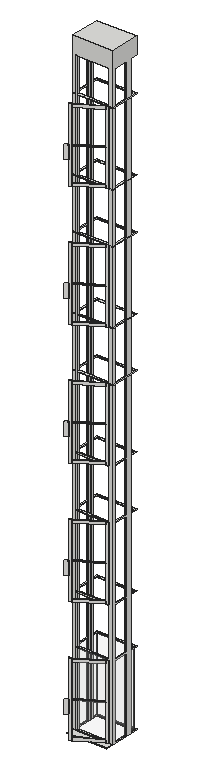
Revit family "NWL_Elevator_Artisan_Rectangular_42x32", category Specialty Equipment, Revit 2026
Family settings
  Round Connector Dimension = Use Diameter
  Part Type = Normal
  Work Plane-Based = No
  Enable Cutting in Views = No
  Always vertical = Yes
  Cut with Voids When Loaded = No
  Maintain Annotation Orientation = No
  Shared = No
  Room Calculation Point = No
Parameters
  Voltage = 230 V
  Unit Height [instance] = if(Number of Stops = 2, Level1_Height + Level2_floor_thickness + Level2_Height + Level3_floor_thickness, if(Number of Stops = 3, Level1_Height + Level2_floor_thickness + Level2_Height + Level3_floor_thickness + Level3_Height + Level4_floor_thickness, if(Number of Stops = 4, Level1_Height + Level2_floor_thickness + Level2_Height + Level3_floor_thickness + Level3_Height + Level4_floor_thickness + Level4_Height + Level5_floor_thickness, if(Number of Stops = 5, Level1_Height + Level2_floor_thickness + Level2_Height + Level3_floor_thickness + Level3_Height + Level4_floor_thickness + Level4_Height + Level5_floor_thickness + Level5_Height + Level6_floor_thickness, 0.000"))))  # 660.000"
  URL = "https://www.elevators.com/"
  Specification = "https://www.arcat.com/company/nationwide-lifts-49670/spec"
  SpecWizard = ""
  Sales Information = "info@elevators.com"
  Ring_Width = 32.000"
  Ring_Length = 42.000"
  Product Data = "https://www.arcat.com/company/nationwide-lifts-49670/catalog"
  Poles = 1
  Platform_Width = 25.606"
  Platform_Length = 36.606"
  Number of Stops [instance] = 5
  Model = "Artisan Rectangular 42x32"
  Manufacturer Website = "https://www.elevators.com/"
  Manufacturer Phone - Toll Free = "(888) 695-4387"
  Manufacturer Phone = ""
  Manufacturer Fax = "(877) 825-6001"
  Manufacturer Email = "info@elevators.com"
  Manufacturer Address = "10-B Holden Ave, Queensbury, NY 12804"
  Manufacturer = "Nationwide Lifts"
  Machine_Height = 18.000"
  Load = 30 VA
  Level6_floor_thickness [instance] = 18.000"
  Level5_floor_thickness [instance] = 18.000"
  Level5_Height [instance] = 114.000"
  Level4_Height [instance] = 114.000"
  Level4_floor_thickness [instance] = 18.000"
  Level3_Height [instance] = 114.000"
  Level3_floor_thickness [instance] = 18.000"
  Level2_Height [instance] = 114.000"
  Level2_floor_thickness [instance] = 18.000"
  Level1_Height [instance] = 114.000"
  Level 5 Door [instance] = Number of Stops > 4  # yes
  Level 4 Door [instance] = Number of Stops > 3  # yes
  Level 3 Door [instance] = Number of Stops > 2  # yes
  Installation-Fabrication = ""
  Hoistway_Width = 28.106"
  Hoistway_Length = 39.106"
  Green Building-LEED = "https://www.arcat.com/company/nationwide-lifts-49670/leed"
  Glass = Glass
  Frame = Steel
  Default Elevation = 0.000"
  Construction Details = "https://www.arcat.com/company/nationwide-lifts-49670/cad"
  Cab_Height = 78.000"
Reference planes (in)
  plane 1 "Center (Front/Back)": y = 0
  plane 2: z = 0
  plane 3 "Center (Left/Right)": x = 0
  plane 4: x = 21
  plane 5: x = -21
  plane 6: y = -16
  plane 7: y = 16
  plane 8: y = 14.053
  plane 9: y = -14.053
  plane 10: x = 19.553
  plane 11: x = -19.553
  plane 12: y = -12.803
  plane 13: y = 12.803
  plane 14: x = 18.303
  plane 15: x = -18.303
  plane 16: z = 78
  plane 17: z = 77.5
  plane 18: z = 264
  plane 19: z = 132
  plane 20: z = 210
  plane 21: z = 132.5
  plane 22: z = 395.5
  plane 23: z = 342
  plane 24: z = 341.5
  plane 25: z = 209.5
  plane 26: z = 264.5
  plane 27: z = 473.5
  plane 28: z = 473
  plane 29: z = 396
  plane 30: z = 605.5
  plane 31: z = 605
  plane 32: z = 528
  plane 33: z = 641.5
  plane 34: z = 114
  plane 35: z = 246
  plane 36: z = 378
  plane 37: z = 527.5
  plane 38: z = 509.5
  plane 39: z = 659.5
  plane 40: z = 660
  plane 41: z = 660
  plane 42: z = 642
Forms (in)
  Extrusion 1, solid, material "Steel" <- "Frame"
    sketch origin (0, 0, 0) x (1, 0, 0) y (0, 1, 0)
      loop
        line (-21, 16) -> (-21, -16) -> (21, -16) -> (21, 16) -> (-21, 16)
      loop
        line (-19.553, 14.053) -> (-19.553, -14.053) -> (19.553, -14.053) -> (19.553, 14.053) -> (-19.553, 14.053)
    from 0 to 0.5
  Extrusion 2, solid, material "Steel" <- "Frame"
    sketch origin (0, 0, 0) x (1, 0, 0) y (0, 1, 0)
      loop
        line (-21, 16) -> (-21, -16) -> (21, -16) -> (21, 16) -> (-21, 16)
      loop
        line (-19.553, 14.053) -> (-19.553, -14.053) -> (19.553, -14.053) -> (19.553, 14.053) -> (-19.553, 14.053)
    from 79 to 79.5
  Extrusion 3, solid, material "Steel" <- "Frame"
    sketch origin (0, 0, 0) x (1, 0, 0) y (0, 1, 0)
      loop
        line (-20.16969, -13.55556) -> (-21, -13.55556) -> (-21, -16) -> (-17.4967, -16) -> (-17.4967, -14.17449) -> (-16.80669, -14.17449) -> (-16.80669, -13.92449) -> (-17.42669, -13.92449) -> (-17.42669, -13.67449) -> (-16.81111, -13.67449) -> (-16.81111, -13.43333) -> (-17.2, -13.43333) -> (-17.2, -13.3) -> (-17.56667, -13.3) -> (-17.56667, -13.16667) -> (-19.15556, -13.16667) -> (-19.15556, -12.55279) -> (-19.3, -12.55279) -> (-19.3, -12.2) -> (-19.42222, -12.2) -> (-19.42222, -11.81111) -> (-19.553, -11.81111) -> (-19.553, -12.55279) -> (-19.91969, -12.55279) -> (-19.91969, -11.80273) -> (-20.16969, -11.80273) -> (-20.16969, -13.55556)
      loop
        line (20.16969, -13.55556) -> (20.16969, -11.80273) -> (19.91969, -11.80273) -> (19.91969, -12.55279) -> (19.553, -12.55279) -> (19.553, -11.81111) -> (19.42222, -11.81111) -> (19.42222, -12.2) -> (19.3, -12.2) -> (19.3, -12.55279) -> (19.15556, -12.55279) -> (19.15556, -13.16667) -> (17.56667, -13.16667) -> (17.56667, -13.3) -> (17.2, -13.3) -> (17.2, -13.43333) -> (16.81111, -13.43333) -> (16.81111, -13.67449) -> (17.42669, -13.67449) -> (17.42669, -13.92449) -> (16.80669, -13.92449) -> (16.80669, -14.17449) -> (17.4967, -14.17449) -> (17.4967, -16) -> (21, -16) -> (21, -13.55556) -> (20.16969, -13.55556)
      loop
        line (-20.16969, 8.10346) -> (-21, 8.10346) -> (-21, 2.9) -> (-20.16969, 2.9) -> (-20.16969, 2.14994) -> (-19.91969, 2.14994) -> (-19.91969, 2.9) -> (-19.553, 2.9) -> (-19.553, 2.15832) -> (-19.42222, 2.15832) -> (-19.42222, 2.54721) -> (-19.3, 2.54721) -> (-19.3, 2.9) -> (-19.15556, 2.9) -> (-19.15556, 3.68889) -> (-19.74444, 3.68889) -> (-19.74444, 7.31111) -> (-19.15556, 7.31111) -> (-19.15556, 8.10346) -> (-19.3, 8.10346) -> (-19.3, 8.45624) -> (-19.42222, 8.45624) -> (-19.42222, 8.84513) -> (-19.553, 8.84513) -> (-19.553, 8.10346) -> (-19.91969, 8.10346) -> (-19.91969, 8.85351) -> (-20.16969, 8.85351) -> (-20.16969, 8.10346)
      loop
        line (20.16969, 8.10346) -> (20.16969, 8.85351) -> (19.91969, 8.85351) -> (19.91969, 8.10346) -> (19.553, 8.10346) -> (19.553, 8.84513) -> (19.42222, 8.84513) -> (19.42222, 8.45624) -> (19.3, 8.45624) -> (19.3, 8.10346) -> (19.15556, 8.10346) -> (19.15556, 7.31111) -> (19.74444, 7.31111) -> (19.74444, 3.68889) -> (19.15556, 3.68889) -> (19.15556, 2.9) -> (19.3, 2.9) -> (19.3, 2.54721) -> (19.42222, 2.54721) -> (19.42222, 2.15832) -> (19.553, 2.15832) -> (19.553, 2.9) -> (19.91969, 2.9) -> (19.91969, 2.14994) -> (20.16969, 2.14994) -> (20.16969, 2.9) -> (21, 2.9) -> (21, 8.10346) -> (20.16969, 8.10346)
    from 0.5 to 660
  Extrusion 4, solid, material "Glass" <- "Glass"
    sketch origin (0, 0, 0) x (1, 0, 0) y (0, 1, 0)
      loop
        line (-19.91969, 8.10346) -> (-19.55556, 8.10346) -> (-19.55556, 14.55556) -> (19.55556, 14.55556) -> (19.55556, 8.10346) -> (19.91969, 8.10346) -> (19.91969, 14.63151)
        arc (19.91969, 14.63151) -> (19.83182, 14.84364) -> (19.61969, 14.93151) r 0.3
        line (19.61969, 14.93151) -> (-19.61969, 14.93151)
        arc (-19.61969, 14.93151) -> (-19.83182, 14.84364) -> (-19.91969, 14.63151) r 0.3
        line (-19.91969, 14.63151) -> (-19.91969, 8.10346)
      loop
        line (-19.91969, 2.9) -> (-19.91969, -12.55279) -> (-19.55556, -12.55279) -> (-19.55556, 2.9) -> (-19.91969, 2.9)
      loop
        line (19.91969, 2.9) -> (19.55556, 2.9) -> (19.55556, -12.55279) -> (19.91969, -12.55279) -> (19.91969, 2.9)
      loop
        line (-17.42669, -13.67449) -> (-17.42669, -13.92449) -> (17.42669, -13.92449) -> (17.42669, -13.67449) -> (-17.42669, -13.67449)
    from 0 to 79
  Extrusion 5, solid, material "Steel" <- "Frame"
    sketch origin (0, 0, 0) x (1, 0, 0) y (0, 1, 0)
      loop
        line (-21, 16) -> (-21, -16) -> (21, -16) -> (21, 16) -> (-21, 16)
      loop
        line (-19.553, 14.053) -> (-19.553, -14.053) -> (19.553, -14.053) -> (19.553, 14.053) -> (-19.553, 14.053)
    from 132 to 132.5
  Extrusion 6, solid, material "Steel" <- "Frame"
    sketch origin (0, 0, 0) x (1, 0, 0) y (0, 1, 0)
      loop
        line (-21, 16) -> (-21, -16) -> (21, -16) -> (21, 16) -> (-21, 16)
      loop
        line (-19.553, 14.053) -> (-19.553, -14.053) -> (19.553, -14.053) -> (19.553, 14.053) -> (-19.553, 14.053)
    from 209.5 to 210
  Extrusion 7, solid, material "Steel" <- "Frame"
    sketch origin (0, 0, 0) x (1, 0, 0) y (0, 1, 0)
      loop
        line (-21, 16) -> (-21, -16) -> (21, -16) -> (21, 16) -> (-21, 16)
      loop
        line (-19.553, 14.053) -> (-19.553, -14.053) -> (19.553, -14.053) -> (19.553, 14.053) -> (-19.553, 14.053)
    from 264 to 264.5
  Extrusion 8, solid, material "Steel" <- "Frame"
    sketch origin (0, 0, 0) x (1, 0, 0) y (0, 1, 0)
      loop
        line (-21, 16) -> (-21, -16) -> (21, -16) -> (21, 16) -> (-21, 16)
    from 642 to 660
  Extrusion 9, solid, material "Steel"
    sketch origin (0, 0, 0) x (1, 0, 0) y (0, 1, 0)
      loop
        line (-21, -24.06667) -> (21, -24.06667) -> (21, -16) -> (-21, -16) -> (-21, -24.06667)
    from 0 to 0.125
  Extrusion 10, solid, material "Steel" <- "Frame", visible <- "Level 5 Door"
    sketch origin (0, 0, 0) x (1, 0, 0) y (0, 1, 0)
      loop
        line (-21, 16) -> (-21, -16) -> (21, -16) -> (21, 16) -> (-21, 16)
      loop
        line (-19.553, 14.053) -> (-19.553, -14.053) -> (19.553, -14.053) -> (19.553, 14.053) -> (-19.553, 14.053)
    from 527.5 to 528
  Extrusion 11, solid, material "Steel" <- "Frame", visible <- "Level 4 Door"
    sketch origin (0, 0, 0) x (1, 0, 0) y (0, 1, 0)
      loop
        line (-21, 16) -> (-21, -16) -> (21, -16) -> (21, 16) -> (-21, 16)
      loop
        line (-19.553, 14.053) -> (-19.553, -14.053) -> (19.553, -14.053) -> (19.553, 14.053) -> (-19.553, 14.053)
    from 473 to 473.5
  Extrusion 12, solid, material "Steel" <- "Frame", visible <- "Level 4 Door"
    sketch origin (0, 0, 0) x (1, 0, 0) y (0, 1, 0)
      loop
        line (-21, 16) -> (-21, -16) -> (21, -16) -> (21, 16) -> (-21, 16)
      loop
        line (-19.553, 14.053) -> (-19.553, -14.053) -> (19.553, -14.053) -> (19.553, 14.053) -> (-19.553, 14.053)
    from 395.5 to 396
  Extrusion 13, solid, material "Steel" <- "Frame", visible <- "Level 3 Door"
    sketch origin (0, 0, 0) x (1, 0, 0) y (0, 1, 0)
      loop
        line (-21, 16) -> (-21, -16) -> (21, -16) -> (21, 16) -> (-21, 16)
      loop
        line (-19.553, 14.053) -> (-19.553, -14.053) -> (19.553, -14.053) -> (19.553, 14.053) -> (-19.553, 14.053)
    from 341.5 to 342
  Extrusion 14, solid, material "Steel" <- "Frame", visible <- "Level 5 Door"
    sketch origin (0, 0, 0) x (1, 0, 0) y (0, 1, 0)
      loop
        line (-21, 16) -> (-21, -16) -> (21, -16) -> (21, 16) -> (-21, 16)
      loop
        line (-19.553, 14.053) -> (-19.553, -14.053) -> (19.553, -14.053) -> (19.553, 14.053) -> (-19.553, 14.053)
    from 605 to 605.5
Cuts and joins
  joined: Extrusion 1, Extrusion 2, Extrusion 3, Extrusion 5, Extrusion 6, Extrusion 7, Extrusion 8
Dimensions and locks (in)
  equal spacing: plane 6, plane 1 "Center (Front/Back)", plane 7
  "Ring_Width": plane 6 to plane 7
  equal spacing: plane 5, plane 3 "Center (Left/Right)", plane 4
  "Ring_Length": plane 5 to plane 4
  equal spacing: plane 11, plane 3 "Center (Left/Right)", plane 10
  "Hoistway_Length": plane 11 to plane 10
  equal spacing: plane 9, plane 1 "Center (Front/Back)", plane 8
  "Hoistway_Width": plane 9 to plane 8
  equal spacing: plane 15, plane 3 "Center (Left/Right)", plane 14
  "Platform_Length": plane 15 to plane 14
  equal spacing: plane 12, plane 1 "Center (Front/Back)", plane 13
  "Platform_Width": plane 12 to plane 13
  "Cab_Height": plane 16 to level
  locked: plane 16 to plane 17 at 0.5
  "Cab_Height": plane 20 to plane 19
  "Cab_Height": plane 23 to plane 18
  locked: plane 21 to plane 19 at 0.5
  locked: plane 26 to plane 18 at 0.5
  locked: plane 20 to plane 25 at 0.5
  locked: plane 23 to plane 24 at 0.5
  locked: plane 30 to plane 31 at 0.5
  "Level1_Height": plane 34 to level
  "Level2_floor_thickness": plane 19 to plane 34
  "Level3_floor_thickness": plane 18 to plane 35
  "Level2_Height": plane 35 to plane 19
  locked: plane 29 to plane 22 at 0.5
  "Level4_floor_thickness": plane 29 to plane 36
  "Level3_Height": plane 36 to plane 18
  locked: plane 32 to plane 37 at 0.5
  "Level5_floor_thickness": plane 37 to plane 38
  "Level4_Height": plane 38 to plane 22
  "Level6_floor_thickness": plane 39 to plane 33
  "Level5_Height": plane 33 to plane 37
  "Unit Height": plane 40 to level
  "Cab_Height": plane 27 to plane 22
  locked: plane 27 to plane 28 at 0.5
  "Cab_Height": plane 30 to plane 37
  locked: plane 41 to plane 42 at 18
  aligned and locked: level to plane 2
  aligned and locked: plane 7 to Extrusion 1 sketch curve
  aligned and locked: plane 5 to Extrusion 1 sketch curve
  aligned and locked: Extrusion 1 sketch curve to plane 6
  aligned and locked: Extrusion 1 sketch curve to plane 4
  aligned and locked: plane 8 to Extrusion 1 sketch curve
  aligned and locked: plane 11 to Extrusion 1 sketch curve
  aligned and locked: Extrusion 1 sketch curve to plane 9
  aligned and locked: Extrusion 1 sketch curve to plane 10
  aligned and locked: Extrusion 5 to plane 19
  aligned and locked: plane 21 to Extrusion 5
  aligned and locked: Extrusion 6 to plane 25
  aligned and locked: plane 20 to Extrusion 6
  aligned and locked: Extrusion 7 to plane 18
  aligned and locked: plane 26 to Extrusion 7
  aligned and locked: Extrusion 13 to plane 24
  aligned and locked: plane 23 to Extrusion 13
  aligned and locked: plane 29 to Extrusion 12
  aligned and locked: Extrusion 12 to plane 22
  aligned and locked: plane 30 to Extrusion 14
  aligned and locked: Extrusion 14 to plane 31
  aligned and locked: plane 32 to Extrusion 10
  aligned and locked: Extrusion 10 to plane 37
  aligned and locked: plane 40 to cut or joined group of Extrusion 1, Extrusion 2, Extrusion 3, Extrusion 5, Extrusion 6, Extrusion 7, Extrusion 8
  aligned and locked: Extrusion 11 to plane 28
  aligned and locked: plane 27 to Extrusion 11
  aligned and locked: nested 4 to plane 22
  aligned and locked: nested 5 to plane 37
  aligned and locked: nested 3 to plane 18
  aligned and locked: nested 2 to plane 19
  aligned and locked: plane 42 to cut or joined group of Extrusion 1, Extrusion 2, Extrusion 3, Extrusion 5, Extrusion 6, Extrusion 7, Extrusion 8
  aligned and locked: plane 41 to cut or joined group of Extrusion 1, Extrusion 2, Extrusion 3, Extrusion 5, Extrusion 6, Extrusion 7, Extrusion 8
  aligned and locked: plane 41 to plane 40
  aligned and locked: Extrusion 4 to cut or joined group of Extrusion 1, Extrusion 2, Extrusion 3, Extrusion 5, Extrusion 6, Extrusion 7, Extrusion 8
Automatic sketch dimensions
  Extrusion 2 sketch curve to plane 5 = 0.000"
  plane 8 to Extrusion 2 sketch curve = 0.000"
  Extrusion 2 sketch curve to plane 11 = 0.000"
  Extrusion 2 sketch curve to plane 10 = 0.000"
  Extrusion 2 sketch curve to plane 4 = 0.000"
  plane 6 to Extrusion 2 sketch curve = 0.000"
  plane 9 to Extrusion 2 sketch curve = 0.000"
  plane 7 to Extrusion 2 sketch curve = 0.000"
  Extrusion 3 sketch curve to plane 5 = 0.000"  (x2)
  Extrusion 3 sketch curve to plane 11 = 0.000"  (x3)
  plane 6 to Extrusion 3 sketch curve = 0.000"  (x2)
  Extrusion 3 sketch curve to plane 10 = 0.000"  (x3)
  Extrusion 3 sketch curve to plane 4 = 0.000"  (x2)
  Extrusion 3 sketch curve to plane 11 = 0.61669"  (x3)
  Extrusion 3 sketch curve to Extrusion 3 sketch curve = 0.250"  (x8)
  Extrusion 3 sketch curve to plane 11 = 0.19144"
  plane 11 to Extrusion 3 sketch curve = 0.13078"  (x2)
  Extrusion 3 sketch curve to Extrusion 3 sketch curve = 0.13078"  (x2)
  Extrusion 3 sketch curve to Extrusion 3 sketch curve = 0.253"
  plane 11 to Extrusion 3 sketch curve = 0.253"
  Extrusion 3 sketch curve to Extrusion 3 sketch curve = 0.12222"  (x2)
  plane 11 to Extrusion 3 sketch curve = 0.39744"  (x3)
  plane 15 to Extrusion 3 sketch curve = 0.73633"
  plane 15 to Extrusion 3 sketch curve = 0.8063"
  Extrusion 3 sketch curve to plane 9 = 0.12851"  (x2)
  Extrusion 3 sketch curve to Extrusion 3 sketch curve = 0.07001"  (x2)
  Extrusion 3 sketch curve to Extrusion 3 sketch curve = 0.22669"  (x2)
  Extrusion 3 sketch curve to Extrusion 3 sketch curve = 0.38889"  (x8)
  plane 9 to Extrusion 3 sketch curve = 0.12149"  (x2)
  Extrusion 3 sketch curve to Extrusion 3 sketch curve = 0.00442"  (x2)
  Extrusion 3 sketch curve to plane 14 = 1.49631"
  Extrusion 3 sketch curve to Extrusion 3 sketch curve = 0.36667"
  Extrusion 3 sketch curve to Extrusion 3 sketch curve = 0.39744"
  Extrusion 3 sketch curve to plane 10 = 0.39744"  (x2)
  Extrusion 3 sketch curve to Extrusion 3 sketch curve = 0.14444"  (x3)
  Extrusion 3 sketch curve to plane 10 = 0.13078"
  plane 10 to Extrusion 3 sketch curve = 0.19144"
  plane 10 to Extrusion 3 sketch curve = 0.36669"  (x3)
  Extrusion 3 sketch curve to plane 9 = 0.49744"  (x2)
  Extrusion 3 sketch curve to Extrusion 3 sketch curve = 0.24116"  (x2)
  Extrusion 3 sketch curve to Extrusion 3 sketch curve = 0.13333"  (x3)
  plane 12 to Extrusion 3 sketch curve = 0.36367"
  Extrusion 3 sketch curve to plane 12 = 0.25021"  (x4)
  Extrusion 3 sketch curve to Extrusion 3 sketch curve = 0.35279"  (x7)
  Extrusion 3 sketch curve to Extrusion 3 sketch curve = 0.00838"  (x6)
  Extrusion 3 sketch curve to plane 1 "Center (Front/Back)" = 2.14994"  (x2)
  Extrusion 3 sketch curve to Extrusion 3 sketch curve = 0.75006"
  Extrusion 3 sketch curve to Extrusion 3 sketch curve = 0.000"  (x5)
  Extrusion 3 sketch curve to Extrusion 3 sketch curve = 0.78889"  (x2)
  Extrusion 3 sketch curve to Extrusion 3 sketch curve = 3.62222"  (x2)
  Extrusion 3 sketch curve to Extrusion 3 sketch curve = 0.79234"  (x3)
  Extrusion 4 sketch curve to plane 11 = 0.36669"  (x2)
  Extrusion 4 sketch curve to plane 11 = 0.06669"
  Extrusion 4 sketch curve to plane 11 = 0.00256"  (x2)
  Extrusion 4 sketch curve to plane 9 = 0.12851"
  plane 15 to Extrusion 4 sketch curve = 0.87631"
  Extrusion 4 sketch curve to plane 14 = 0.87631"
  plane 10 to Extrusion 4 sketch curve = 0.00256"  (x2)
  plane 10 to Extrusion 4 sketch curve = 0.06669"
  Extrusion 4 sketch curve to Extrusion 4 sketch curve = 0.36413"
  Extrusion 4 sketch curve to Extrusion 4 sketch curve = 0.300"
  Extrusion 4 sketch curve to Extrusion 4 sketch curve = 0.250"
  Extrusion 4 sketch curve to plane 12 = 0.25021"  (x2)
  Extrusion 4 sketch curve to plane 1 "Center (Front/Back)" = 2.900"  (x2)
  plane 13 to Extrusion 4 sketch curve = 4.69954"  (x2)
  Extrusion 4 sketch curve to plane 8 = 0.50256"
  Extrusion 4 sketch curve to Extrusion 4 sketch curve = 0.07596"
  Extrusion 5 sketch curve to plane 5 = 0.000"
  plane 8 to Extrusion 5 sketch curve = 0.000"
  Extrusion 5 sketch curve to plane 11 = 0.000"
  Extrusion 5 sketch curve to plane 10 = 0.000"
  Extrusion 5 sketch curve to plane 4 = 0.000"
  plane 6 to Extrusion 5 sketch curve = 0.000"
  plane 9 to Extrusion 5 sketch curve = 0.000"
  plane 7 to Extrusion 5 sketch curve = 0.000"
  Extrusion 6 sketch curve to plane 5 = 0.000"
  plane 8 to Extrusion 6 sketch curve = 0.000"
  Extrusion 6 sketch curve to plane 11 = 0.000"
  Extrusion 6 sketch curve to plane 10 = 0.000"
  Extrusion 6 sketch curve to plane 4 = 0.000"
  plane 6 to Extrusion 6 sketch curve = 0.000"
  plane 9 to Extrusion 6 sketch curve = 0.000"
  plane 7 to Extrusion 6 sketch curve = 0.000"
  Extrusion 7 sketch curve to plane 5 = 0.000"
  plane 8 to Extrusion 7 sketch curve = 0.000"
  Extrusion 7 sketch curve to plane 11 = 0.000"
  Extrusion 7 sketch curve to plane 10 = 0.000"
  Extrusion 7 sketch curve to plane 4 = 0.000"
  plane 6 to Extrusion 7 sketch curve = 0.000"
  plane 9 to Extrusion 7 sketch curve = 0.000"
  plane 7 to Extrusion 7 sketch curve = 0.000"
  Extrusion 8 sketch curve to plane 5 = 0.000"
  Extrusion 8 sketch curve to plane 4 = 0.000"
  plane 6 to Extrusion 8 sketch curve = 0.000"
  plane 7 to Extrusion 8 sketch curve = 0.000"
  Extrusion 9 sketch curve to plane 5 = 0.000"
  Extrusion 9 sketch curve to plane 4 = 0.000"
  plane 6 to Extrusion 9 sketch curve = 0.000"
  plane 6 to Extrusion 9 sketch curve = 8.06667"
  Extrusion 10 sketch curve to plane 5 = 0.000"
  plane 8 to Extrusion 10 sketch curve = 0.000"
  Extrusion 10 sketch curve to plane 11 = 0.000"
  Extrusion 10 sketch curve to plane 10 = 0.000"
  Extrusion 10 sketch curve to plane 4 = 0.000"
  plane 6 to Extrusion 10 sketch curve = 0.000"
  plane 9 to Extrusion 10 sketch curve = 0.000"
  plane 7 to Extrusion 10 sketch curve = 0.000"
  Extrusion 11 sketch curve to plane 5 = 0.000"
  plane 8 to Extrusion 11 sketch curve = 0.000"
  Extrusion 11 sketch curve to plane 11 = 0.000"
  Extrusion 11 sketch curve to plane 10 = 0.000"
  Extrusion 11 sketch curve to plane 4 = 0.000"
  plane 6 to Extrusion 11 sketch curve = 0.000"
  plane 9 to Extrusion 11 sketch curve = 0.000"
  plane 7 to Extrusion 11 sketch curve = 0.000"
  Extrusion 12 sketch curve to plane 5 = 0.000"
  plane 8 to Extrusion 12 sketch curve = 0.000"
  Extrusion 12 sketch curve to plane 11 = 0.000"
  Extrusion 12 sketch curve to plane 10 = 0.000"
  Extrusion 12 sketch curve to plane 4 = 0.000"
  plane 6 to Extrusion 12 sketch curve = 0.000"
  plane 9 to Extrusion 12 sketch curve = 0.000"
  plane 7 to Extrusion 12 sketch curve = 0.000"
  Extrusion 13 sketch curve to plane 5 = 0.000"
  plane 8 to Extrusion 13 sketch curve = 0.000"
  Extrusion 13 sketch curve to plane 11 = 0.000"
  Extrusion 13 sketch curve to plane 10 = 0.000"
  Extrusion 13 sketch curve to plane 4 = 0.000"
  plane 6 to Extrusion 13 sketch curve = 0.000"
  plane 9 to Extrusion 13 sketch curve = 0.000"
  plane 7 to Extrusion 13 sketch curve = 0.000"
  Extrusion 14 sketch curve to plane 5 = 0.000"
  plane 8 to Extrusion 14 sketch curve = 0.000"
  Extrusion 14 sketch curve to plane 11 = 0.000"
  Extrusion 14 sketch curve to plane 10 = 0.000"
  Extrusion 14 sketch curve to plane 4 = 0.000"
  plane 6 to Extrusion 14 sketch curve = 0.000"
  plane 9 to Extrusion 14 sketch curve = 0.000"
  plane 7 to Extrusion 14 sketch curve = 0.000"
Nested families (in)
  nested 1: "NWL_Door" at (2.46167, -24.41858, 0) x (0.866, 0.5, 0) z (0, 0, 1), type "NWL_Door"
  nested 2: "NWL_Door" at (2.46167, -24.41858, 132) x (0.866, 0.5, 0) z (0, 0, 1), type "NWL_Door"
  nested 3: "NWL_Door" at (2.46167, -24.41858, 264) x (0.866, 0.5, 0) z (0, 0, 1), visible <- "Level 3 Door", type "NWL_Door"
  nested 4: "NWL_Door" at (2.46167, -24.41858, 395.5) x (0.866, 0.5, 0) z (0, 0, 1), visible <- "Level 4 Door", type "NWL_Door"
  nested 5: "NWL_Door" at (2.46167, -24.41858, 527.5) x (0.866, 0.5, 0) z (0, 0, 1), visible <- "Level 5 Door", type "NWL_Door"
Connectors (in)
  electrical at (0, 0, 660), driven by "Voltage", driven by "Load", driven by "Poles"
    settings: on cut or joined group of Extrusion 1, Extrusion 2, Extrusion 3, Extrusion 5, Extrusion 6, Extrusion 7, Extrusion 8, index 1, voltage 230 V, apparent load 0 VA, apparent load phase1 30 VA, apparent load phase2 0 VA, apparent load phase3 0 VA, power factor 1, load classification "Other", number of poles 1, system type 31, power factor state 1, is connector primary yes, connector utility no, sub classification motor no, connector description ""
Definition of nested family "NWL_Door"
  Parameters (values of type "NWL_Door")
    Door Height = 78.000"
    Default Elevation = 0.000"
  Reference planes (in)
    plane 1 "Center (Front/Back)": y = 0
    plane 2: z = 0
    plane 3 "Center (Left/Right)": x = 0
    plane 4: y = 1.5
    plane 5: x = 17.06
    plane 6: x = -17.06
    plane 7: x = -14.06
    plane 8: x = 14.06
    plane 9: z = 78
    plane 10: z = 24.7
    plane 11: z = 39.3
    plane 12: x = -41.00811
    plane 13: z = 38.3
    plane 14: x = -37.30811
    plane 15: z = 75
  Forms (in)
    Extrusion 1, solid
      sketch origin (0, 0, 0) x (1, 0, 0) y (0, 1, 0)
        loop
          line (-17.06, 1.5) -> (-17.06, 0) -> (-14.06, 0) -> (-14.06, 1.5) -> (-17.06, 1.5)
        loop
          line (14.06, 1.5) -> (14.06, 0) -> (17.06, 0) -> (17.06, 1.5) -> (14.06, 1.5)
      from 0 to 78
    Extrusion 2, solid
      sketch origin (0, 0, 0) x (1, 0, 0) y (0, 1, 0)
        loop
          line (-14.06, 1.5) -> (-14.06, 0) -> (14.06, 0) -> (14.06, 1.5) -> (-14.06, 1.5)
      from 0 to 3
    Extrusion 3, solid
      sketch origin (0, 0, 0) x (1, 0, 0) y (0, 1, 0)
        loop
          line (-14.06, 1.5) -> (-14.06, 0) -> (14.06, 0) -> (14.06, 1.5) -> (-14.06, 1.5)
      from 38.3 to 39.3
    Extrusion 4, solid
      sketch origin (0, 0, 0) x (1, 0, 0) y (0, 1, 0)
        loop
          line (-14.06, 1.5) -> (-14.06, 0) -> (14.06, 0) -> (14.06, 1.5) -> (-14.06, 1.5)
      from 75 to 78
    Extrusion 5, solid
      sketch origin (20.24811, 0, 0) x (1, 0, 0) y (0, 0, 1)
        loop
          line (-41.00811, 38.3) -> (-41.00811, 24.7) -> (-36.80811, 24.7) -> (-36.80811, 38.3)
          arc (-36.80811, 38.3) -> (-38.90811, 39.30626) -> (-41.00811, 38.3) r 2.69441
      from 0 to 0.13
  Dimensions and locks (in)
    "Door Height": plane 9 to level
    locked: plane 9 to plane 15 at 3
    locked: plane 10 to level at 24.7
    locked: plane 11 to plane 10 at 14.6
    aligned and locked: plane 2 to level
    aligned and locked: Extrusion 1 to level
    aligned and locked: plane 9 to Extrusion 1
    aligned and locked: Extrusion 4 to plane 15
    aligned and locked: plane 9 to Extrusion 4
    aligned and locked: Extrusion 3 to plane 13
    aligned and locked: plane 11 to Extrusion 3
  Automatic sketch dimensions
    plane 1 "Center (Front/Back)" to Extrusion 1 sketch curve = 0.000"  (x2)
    Extrusion 1 sketch curve to plane 6 = 0.000"
    Extrusion 1 sketch curve to plane 7 = 0.000"
    plane 4 to Extrusion 1 sketch curve = 0.000"  (x2)
    Extrusion 1 sketch curve to plane 8 = 0.000"
    Extrusion 1 sketch curve to plane 5 = 0.000"
    plane 1 "Center (Front/Back)" to Extrusion 2 sketch curve = 0.000"
    Extrusion 2 sketch curve to plane 7 = 0.000"
    Extrusion 2 sketch curve to plane 8 = 0.000"
    plane 4 to Extrusion 2 sketch curve = 0.000"
    plane 1 "Center (Front/Back)" to Extrusion 3 sketch curve = 0.000"
    Extrusion 3 sketch curve to plane 7 = 0.000"
    Extrusion 3 sketch curve to plane 8 = 0.000"
    plane 4 to Extrusion 3 sketch curve = 0.000"
    plane 1 "Center (Front/Back)" to Extrusion 4 sketch curve = 0.000"
    Extrusion 4 sketch curve to plane 7 = 0.000"
    Extrusion 4 sketch curve to plane 8 = 0.000"
    plane 4 to Extrusion 4 sketch curve = 0.000"
    Extrusion 5 sketch curve to plane 10 = 0.000"
    Extrusion 5 sketch curve to plane 13 = 0.000"  (x2)
    Extrusion 5 sketch curve to plane 6 = 3.700"
    Extrusion 5 sketch curve to plane 6 = 1.600"
    Extrusion 5 sketch curve to plane 13 = 1.68815"
